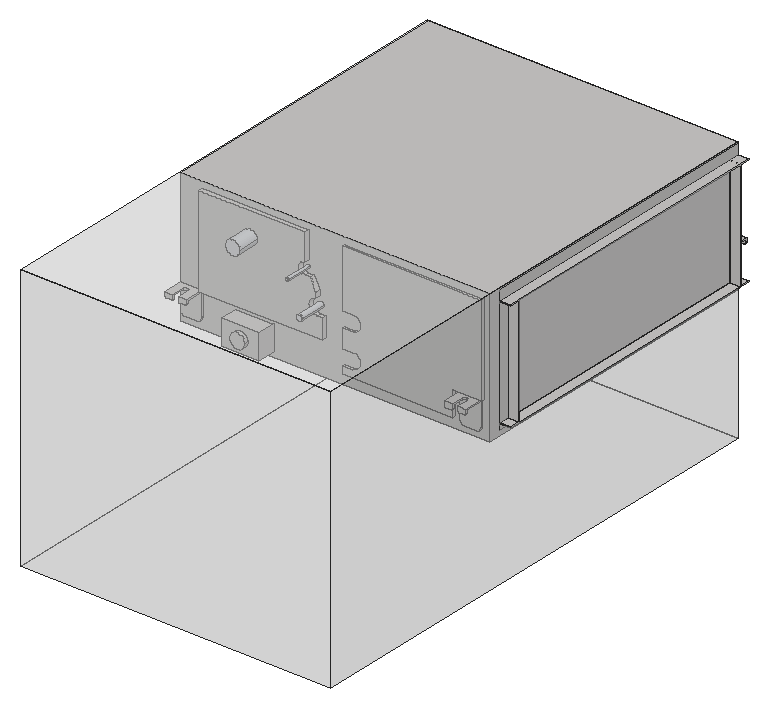
Revit family "outputfile", category 機械設備, Revit 2024
Family settings
  丸型コネクタ寸法 = 半径を使用
  パーツ タイプ = 標準
  OmniClass 番号 = 23.75.10.24.21.27.27
  OmniClass タイトル = Split System Air Conditioning Units
  作業面ベース = いいえ
  常に垂直 = はい
  ロード時にボイドで切り取り = いいえ
  注釈の向きを維持 = いいえ
  共有 = いいえ
  部屋計算ポイント = はい
Parameters (values of type "FXMQ40ARV1")
  製造元 = "Daikin"
  書き出し IFC クラス(タイプ) = "IfcUnitaryEquipmentType"
  定義済み IFC タイプ(タイプ) = "AIRCONDITIONINGUNIT"
  モデル = "FXMQ40ARV1"
  r_Liquid Pipe Size = Liquid Pipe Size / 2  # 3.2 mm
  r_Gas Pipe Size = Gas Pipe Size / 2  # 6.35 mm
  r_Drain Pipe Size = Drain Pipe Size / 2  # 16.0 mm
  lw_power = 396.0 mm  # constant formula
  lh_SA = 165.0 mm  # constant formula
  lw_SA = if(Depth = 550.0 mm, 210.0 mm, if(Depth = 700.0 mm, 285.0 mm, if(Depth = 1000.0 mm, 435.0 mm, 635.0 mm)))  # 285.0 mm
  lw_RA = if(Depth = 550.0 mm, 288.0 mm, if(Depth = 700.0 mm, 363.0 mm, if(Depth = 1000.0 mm, 513.0 mm, 713.0 mm)))  # 363.0 mm
  lh_power = 60.0 mm + [h***]  # 60.0 mm
  lh_mountinghole1 = lh_mountinghole + [h***]  # 80.0 mm
  lh_RA = 150.0 mm  # constant formula
  ld_power = Depth / 2  # 350.0 mm
  Voltage_comment_60Hz = "220-240"
  Voltage_comment_50Hz = "220-240"
  Voltage_60Hz = 220 V
  Voltage_50Hz = 220 V
  Supply Air Direction [instance] = yes
  Phase_60Hz = 1
  Phase_50Hz = 1
  Minimum Circuit Amps_60Hz = 1.0 A
  Minimum Circuit Amps_50Hz = 0.8 A
  Maximum Fuse Amps_60Hz = 15.0 A
  Maximum Fuse Amps_50Hz = 15.0 A
  Maximum External Static Pressure = 50.00 Pa
  Material_Casing = DAIKIN_GalvanizedSteel_Casing_indoorunit
  lw_mountinghole = 631.0 mm  # constant formula
  lh_gaspipe = 144.0 mm + [h***]  # 144.0 mm
  lh_mountinghole = 80.0 mm  # constant formula
  lh_liquidpipe = 212.0 mm + [h***]  # 212.0 mm
  lh_drainpipe = 232.0 mm + [h***]  # 232.0 mm
  lh_antena = Height - lh_mountinghole + 1.0 mm  # 221.0 mm
  ld_drainpipe = Depth / 2 + 59.0 mm  # 409.0 mm
  ld_liquidpipe = 410.0 mm
  ld_gaspipe = 410.0 mm
  ld_mountinghole = Depth + 38.0 mm  # 738.0 mm
  h*** = 0.0 mm  # constant formula
  lw_liquidpipe = 290.0 mm  # constant formula
  lw_gaspipe = 318.0 mm  # constant formula
  lw_drainpipe = 167.0 mm  # constant formula
  Width = 700.0 mm
  Version = "ver.1.0"
  Unit Type = "Duct_M.S.P."
  Unit Mass Weight = 27.00 kg
  Unit Designation [instance] = ""
  Uniclass2015Version = "Products v1.30"
  Uniclass2015Title = "Variable refrigerant flow units"
  Uniclass2015Code = "Pr_70_65_03_94"
  Total Heating Capacity [instance] = 0.000 kW
  Total Cooling Capacity [instance] = 0.000 kW
  Sound Pressure Level_L speed (dBA) = 37
  Sound Pressure Level_H speed (dBA) = 39
  Series = "VRV Fan Coil Unit"
  Sensible Cooling Capacity [instance] = 0.000 kW
  SA Duct Size Width = if(Depth = 550.0 mm, 310.0 mm, if(Depth = 700.0 mm, 460.0 mm, if(Depth = 1000.0 mm, 760.0 mm, 1160.0 mm)))  # 460.0 mm
  SA Duct Size Height = 215.0 mm
  Refrigerant Type = "R410A"
  RA Duct Size Width = if(Depth = 550.0 mm, 475.0 mm, if(Depth = 700.0 mm, 625.0 mm, if(Depth = 1000.0 mm, 925.0 mm, 1325.0 mm)))  # 625.0 mm
  RA Duct Size Height = 247.0 mm
  Power Input (Heating) = 0.160 kW
  Power Input (Cooling) = 0.160 kW
  Option Accessory 3 [instance] = ""
  Option Accessory 2 [instance] = ""
  Option Accessory 1 [instance] = ""
  Nominal Heating Capacity = 4.500 kW
  Nominal Cooling Capacity = 4.500 kW
  Minimum Airflow = 720.00 m³/h
  Median Airflow = 0.00 m³/h
  Maximum Airflow = 900.00 m³/h
  Load Classification = HVAC
  Liquid Pipe Size = 6.4 mm
  Link_Nested Family [instance] = ""
  IfcVersion = ""
  IfcExportType = "AIRCONDITIONINGUNIT"
  IfcExportAs = "IfcUnitaryEquipmentType"
  Height = 300.0 mm
  Heating Entering Wet Bulb Temperature [instance] = 0.00 °C
  Heating Entering Dry Bulb Temperature [instance] = 0.00 °C
  Heating Ambient Wet Bulb Temperature [instance] = 0.00 °C
  Heating Ambient Dry Bulb Temperature [instance] = 0.00 °C
  Heat Exchanger Type = "Cross Fin Coil"
  Gas Pipe Size = 12.7 mm
  Frequency_60Hz = 60 Hz
  Frequency_50Hz = 50 Hz
  Fan Type = "Sirocco Fan"
  Fan Drive = "Direct Drive"
  FCU Tag No. [instance] = ""
  Drain Pipe Size = 32.0 mm
  Design Supply Airflow [instance] = 0.00 m³/h
  Design Return Airflow [instance] = 0.00 m³/h
  Design External Static Pressure [instance] = 0.00 Pa
  Depth = 700.0 mm
  既定の高さ = 0.0 mm
  Cooling Entering Wet Bulb Temperature [instance] = 0.00 °C
  Cooling Entering Dry Bulb Temperature [instance] = 0.00 °C
  Cooling Ambient Wet Bulb Temperature [instance] = 0.00 °C
  Cooling Ambient Dry Bulb Temperature [instance] = 0.00 °C
  Clearance visibility [instance] = yes
  Clearance Top = 0.0 mm
  Clearance Right = 0.0 mm
  Clearance Rear = 0.0 mm
  Clearance Left = 0.0 mm
  Clearance Front = 450.0 mm
  Clearance Bottom = 300.0 mm
Reference planes
  plane 1 "Center (Front/Back)": y = 0
  plane 2 "h": z = 0
  plane 3 "Center (Left/Right)": x = 0
  plane 4 "Back": y = 350
  plane 5 "Front": y = -350
  plane 6 "Left": x = -350
  plane 7 "Reight": x = 350
  plane 8 "Top": z = 0
  plane 9 "Bottom": z = -300
  plane 10: y = -215
  plane 11: y = 350
  plane 12: y = -800
  plane 13: x = -350
  plane 14: x = 350
  plane 15: z = 0
  plane 16: z = -600
  plane 17: x = -350
  plane 18: z = -135
  plane 19: x = -349
  plane 20: x = 349
  plane 21: y = 65
  plane 22: y = 13
  plane 23: z = -150
  plane 24: y = -360.8
  plane 25: z = -14
  plane 26: z = -219
  plane 27: x = -60
  plane 28: x = -20
  plane 29: z = -156
  plane 30: x = -32
  plane 31: z = -88
  plane 32: x = 23
  plane 33: x = 335
  plane 34: z = -15.8
  plane 35: z = -274.8
  plane 36: z = -219.8
  plane 37: x = 271
  plane 38: x = -223.3
  plane 39: x = -138.3
  plane 40: z = -232.7
  plane 41: z = -288.5
  plane 42: y = -391
  plane 43: x = -181
  plane 44: z = -260
  plane 45: y = -399
  plane 46: z = -163.8
  plane 47: z = -239.8
  plane 48: x = 46
  plane 49: z = -88
  plane 50: x = -60
  plane 51: y = -410
  plane 52: z = -156
  plane 53: x = -32
  plane 54: y = -409
  plane 55: z = -68
  plane 56: x = -183
  plane 57: x = -183
  plane 58: x = -60
  plane 59: x = -32
  plane 60: x = 46
  plane 61: x = -323
  plane 62: x = 308
  plane 63: y = -369
  plane 64: y = 369
  plane 65: z = -220
  plane 66: y = -356
  plane 67: x = -298.5
  plane 68: x = -374
  plane 69: x = 374
Forms (mm)
  Extrusion 1, solid, material "DAIKIN_GalvanizedSteel_Casing_indoorunit" <- "Material_Casing"
    sketch origin (0, 0, 0) x (1, 0, 0) y (0, 1, 0)
      loop
        line (-349, 350) -> (-349, -350) -> (349, -350) -> (349, 350) -> (-349, 350)
    from -300 to 0
  Extrusion 2, solid, material "DAIKIN_GalvanizedSteel_Casing_indoorunit" <- "Material_Casing"
    sketch origin (0, 0, 0) x (1, 0, 0) y (0, 0, 1)
      loop
        line (-298.5, -219) -> (-20, -219) -> (-20, -173.5) -> (-32, -173.5)
        arc (-32, -173.5) -> (-49.471, -157.002) -> (-34, -138.615) r 17.5
        line (-34, -138.615) -> (-34, -127.5) -> (-47, -101) -> (-60, -101)
        arc (-60, -101) -> (-73, -88) -> (-60, -75) r 13
        line (-60, -75) -> (-60, -14) -> (-298.5, -14) -> (-298.5, -219)
    from 350 to 360.8
  Extrusion 3, solid, material "DAIKIN_GalvanizedSteel_Casing_indoorunit" <- "Material_Casing"
    sketch origin (0, 0, 0) x (1, 0, 0) y (0, 0, 1)
      loop
        line (23, -274.8) -> (271, -274.8) -> (271, -219.8) -> (335, -219.8) -> (335, -15.8) -> (23, -15.8) -> (23, -146.3) -> (46, -146.3)
        arc (46, -146.3) -> (63.5, -163.8) -> (46, -181.3) r 17.5
        line (46, -181.3) -> (23, -181.3) -> (23, -222.3) -> (46, -222.3)
        arc (46, -222.3) -> (63.5, -239.8) -> (46, -257.3) r 17.5
        line (46, -257.3) -> (23, -257.3) -> (23, -274.8)
    from 350 to 356
  Extrusion 4, solid, material "DAIKIN_GalvanizedSteel_Casing_indoorunit" <- "Material_Casing"
    sketch origin (0, 0, 0) x (1, 0, 0) y (0, 0, 1)
      loop
        line (-223.3, -232.7) -> (-223.3, -288.5) -> (-138.3, -288.5) -> (-138.3, -232.7) -> (-223.3, -232.7)
    from 350 to 391
  Extrusion 5, solid, material "DAIKIN_GalvanizedSteel_Casing_indoorunit" <- "Material_Casing"
    sketch origin (0, 0, 0) x (1, 0, 0) y (0, 0, 1)
      loop
        circle (-181, -260) r 16.5
    from 391 to 399
  Extrusion 6, solid
    sketch origin (0, 0, 0) x (1, 0, 0) y (0, 0, 1)
      loop
        circle (-60, -88) r 3.2
    from 350 to 410
  Extrusion 7, solid
    sketch origin (0, 0, 0) x (1, 0, 0) y (0, 0, 1)
      loop
        circle (-32, -156) r 6.35
    from 350 to 410
  Extrusion 8, solid
    sketch origin (0, 0, 0) x (1, 0, 0) y (0, 0, 1)
      loop
        circle (-183, -68) r 16
    from 360.8 to 409
Dimensions and locks
  "Height": plane 8 "Top" to plane 9 "Bottom"
  equal spacing: plane 4 "Back", plane 1 "Center (Front/Back)", plane 5 "Front"
  "Depth": plane 4 "Back" to plane 5 "Front"
  equal spacing: plane 6 "Left", plane 3 "Center (Left/Right)", plane 7 "Reight"
  "Width": plane 6 "Left" to plane 7 "Reight"
  "Clearance Left": plane 13 to plane 6 "Left"
  "Clearance Right": plane 7 "Reight" to plane 14
  "Clearance Rear": plane 11 to plane 4 "Back"
  "Clearance Front": plane 5 "Front" to plane 12
  "Clearance Top": plane 15 to plane 8 "Top"
  "Clearance Bottom": plane 9 "Bottom" to plane 16
  "lh_SA": plane 18 to plane 9 "Bottom"
  locked: plane 17 to plane 19 at 1
  "lw_SA": plane 4 "Back" to plane 21
  "lw_RA": plane 22 to plane 5 "Front"
  "lh_RA": plane 23 to plane 9 "Bottom"
  locked: plane 5 "Front" to plane 24 at 10.8
  plane 30 to plane 27 to plane 6 "Left" = 28.0 mm locked, 290.0 mm locked
  plane 33 to plane 32 to plane 6 "Left" = 312.0 mm locked, 373.0 mm locked
  locked: plane 33 to plane 37 at 64
  locked: plane 36 to plane 35 at 55
  plane 39 to plane 38 to plane 6 "Left" = 85.0 mm locked, 126.7 mm locked
  locked: plane 5 "Front" to plane 42 at 41
  locked: plane 43 to plane 6 "Left" at 169
  locked: plane 42 to plane 45 at 8
  plane 46 to plane 47 to plane 35 = 76.0 mm locked, 35.0 mm locked
  locked: plane 48 to plane 32 at 23
  "lw_liquidpipe": plane 50 to plane 6 "Left"
  "lh_liquidpipe": plane 49 to plane 9 "Bottom"
  "lh_gaspipe": plane 52 to plane 9 "Bottom"
  "lw_gaspipe": plane 53 to plane 6 "Left"
  "ld_gaspipe": plane 51 to plane 1 "Center (Front/Back)"
  "ld_drainpipe": plane 54 to plane 1 "Center (Front/Back)"
  "lh_drainpipe": plane 55 to plane 9 "Bottom"
  "lw_drainpipe": plane 56 to plane 6 "Left"
  "lw_drainpipe": plane 6 "Left" to plane 57
  "lw_liquidpipe": plane 6 "Left" to plane 58
  "lw_gaspipe": plane 6 "Left" to plane 59
  "lw_power": plane 6 "Left" to plane 60
  plane 17 to plane 61 = 27.0 mm
  "lw_mountinghole": plane 61 to plane 62
  equal spacing: plane 63, plane 1 "Center (Front/Back)", plane 64
  "ld_mountinghole": plane 64 to plane 63
  "lh_mountinghole": plane 65 to plane 9 "Bottom"
  plane 8 "Top" to plane 40 to plane 41 = 232.7 mm locked, 55.8 mm locked
  locked: plane 8 "Top" to plane 44 at 260
  plane 8 "Top" to plane 25 to plane 26 = 14.0 mm locked, 205.0 mm locked
  plane 8 "Top" to plane 31 to plane 29 = 88.0 mm locked, 68.0 mm locked
  plane 8 "Top" to plane 34 to plane 35 = 15.8 mm locked, 259.0 mm locked
  locked: plane 5 "Front" to plane 66 at 6
  locked: plane 68 to plane 6 "Left" at 24
  locked: plane 7 "Reight" to plane 69 at 24
  locked: plane 67 to plane 13 at 51.5
  locked: plane 28 to plane 30 at 12
  locked: Extrusion 2 sketch curve to plane 27 at 26
  plane 5 "Front" to plane 51 = 60.0 mm
  plane 5 "Front" to plane 54 = 59.0 mm
  locked: plane 20 to plane 7 "Reight" at 1
  "r_Liquid Pipe Size": radius of Extrusion 6 sketch curve
  "r_Gas Pipe Size": radius of Extrusion 7 sketch curve
  "r_Drain Pipe Size": radius of Extrusion 8 sketch curve
  aligned and locked: level to plane 2 "h"
  aligned and locked: plane 8 "Top" to Extrusion 1
  aligned and locked: Extrusion 1 to plane 9 "Bottom"
  aligned and locked: nested 5 to plane 12
  aligned and locked: plane 13 to nested 5
  aligned and locked: plane 14 to nested 5
  aligned and locked: nested 5 to plane 13
  aligned and locked: plane 11 to nested 5
  aligned and locked: plane 15 to nested 5
  aligned and locked: plane 16 to nested 5
  aligned and locked: plane 5 "Front" to Extrusion 1 sketch curve
  aligned and locked: Extrusion 1 to plane 19
  aligned and locked: plane 20 to Extrusion 1
  aligned and locked: nested 7 to plane 19
  aligned and locked: nested 7 to plane 21
  aligned and locked: plane 18 to nested 7
  aligned and locked: plane 20 to nested 8
  aligned and locked: plane 22 to nested 8
  aligned and locked: plane 23 to nested 8
  aligned and locked: Extrusion 2 to plane 24
  aligned and locked: plane 5 "Front" to Extrusion 2
  aligned and locked: plane 35 to Extrusion 3 sketch curve
  aligned and locked: plane 37 to Extrusion 3 sketch curve
  aligned and locked: plane 36 to Extrusion 3 sketch curve
  aligned and locked: Extrusion 3 sketch curve to plane 33
  aligned and locked: Extrusion 3 sketch curve to plane 34
  aligned and locked: Extrusion 3 sketch curve to plane 32
  aligned and locked: plane 5 "Front" to Extrusion 3
  aligned and locked: Extrusion 4 sketch curve to plane 40
  aligned and locked: Extrusion 4 sketch curve to plane 38
  aligned and locked: plane 41 to Extrusion 4 sketch curve
  aligned and locked: plane 39 to Extrusion 4 sketch curve
  aligned and locked: Extrusion 4 to plane 42
  aligned and locked: plane 5 "Front" to Extrusion 4
  aligned and locked: Extrusion 5 sketch curve to plane 43
  aligned and locked: plane 44 to Extrusion 5 sketch curve
  aligned and locked: Extrusion 5 to plane 45
  aligned and locked: plane 42 to Extrusion 5
  aligned and locked: Extrusion 6 sketch curve to plane 50
  aligned and locked: plane 49 to Extrusion 6 sketch curve
  aligned and locked: Extrusion 6 to plane 51
  aligned and locked: plane 5 "Front" to Extrusion 6
  aligned and locked: Extrusion 7 sketch curve to plane 53
  aligned and locked: plane 52 to Extrusion 7 sketch curve
  aligned and locked: Extrusion 7 to Extrusion 6
  aligned and locked: plane 5 "Front" to Extrusion 7
  aligned and locked: Extrusion 8 sketch curve to plane 56
  aligned and locked: Extrusion 8 sketch curve to plane 55
  aligned and locked: Extrusion 8 to plane 54
  aligned and locked: plane 24 to Extrusion 8
  aligned and locked: nested 3 to plane 54
  aligned and locked: plane 57 to nested 3
  aligned and locked: plane 58 to nested 2
  aligned and locked: nested 2 to plane 51
  aligned and locked: nested 1 to plane 59
  aligned and locked: Extrusion 7 to plane 51
  aligned and locked: nested 1 to plane 51
  aligned and locked: nested 6 to plane 5 "Front"
  aligned and locked: nested 6 to plane 60
  aligned and locked: plane 61 to nested 10
  aligned and locked: nested 10 to plane 5 "Front"
  aligned and locked: plane 62 to nested 9
  aligned and locked: nested 9 to plane 5 "Front"
  aligned and locked: nested 11 to plane 61
  aligned and locked: plane 4 "Back" to nested 11
  aligned and locked: nested 12 to plane 62
  aligned and locked: plane 4 "Back" to nested 12
  aligned and locked: plane 65 to nested 10
  aligned and locked: plane 65 to nested 11
  aligned and locked: plane 65 to nested 9
  aligned and locked: plane 65 to nested 12
  aligned and locked: plane 61 to nested 14
  aligned and locked: nested 14 to plane 64
  aligned and locked: plane 62 to nested 13
  aligned and locked: nested 13 to plane 64
  aligned and locked: plane 62 to nested 16
  aligned and locked: plane 63 to nested 16
  aligned and locked: plane 63 to nested 15
  aligned and locked: plane 61 to nested 15
  aligned and locked: Extrusion 3 to plane 66
  aligned and locked: plane 67 to Extrusion 2 sketch curve
  aligned and locked: nested 17 to plane 21
  aligned and locked: nested 17 to plane 68
  aligned and locked: plane 18 to nested 17
  aligned and locked: plane 22 to nested 18
  aligned and locked: plane 69 to nested 18
  aligned and locked: nested 18 to plane 23
  aligned and locked: nested 4 to plane 3 "Center (Left/Right)"
  aligned and locked: plane 1 "Center (Front/Back)" to nested 4
  aligned and locked: level to plane 8 "Top"
  aligned and locked: Extrusion 2 sketch curve to plane 28
  aligned and locked: Extrusion 2 sketch curve to plane 26
Automatic sketch dimensions
  plane 6 "Left" to Extrusion 1 sketch curve = 1.0 mm
  Extrusion 1 sketch curve to plane 7 "Reight" = 1.0 mm
  Extrusion 1 sketch curve to plane 4 "Back" = 0.0 mm
  Extrusion 3 sketch curve to plane 32 = 0.0 mm  (x2)
  Extrusion 3 sketch curve to plane 46 = 0.0 mm
  Extrusion 3 sketch curve to plane 48 = 0.0 mm  (x2)
  Extrusion 3 sketch curve to plane 47 = 0.0 mm
  Extrusion 3 sketch curve to plane 36 = 2.5 mm
  plane 23 to Extrusion 3 sketch curve = 3.7 mm
  Extrusion 2 sketch curve to plane 25 = 0.0 mm
  plane 27 to Extrusion 2 sketch curve = 0.0 mm
  Extrusion 2 sketch curve to plane 30 = 0.0 mm
  Extrusion 2 sketch curve to plane 29 = 0.0 mm
  Extrusion 2 sketch curve to plane 31 = 0.0 mm
  Extrusion 2 sketch curve to Extrusion 2 sketch curve = 13.0 mm
  Extrusion 2 sketch curve to plane 29 = 17.5 mm
  Extrusion 2 sketch curve to plane 31 = 13.0 mm
  plane 18 to Extrusion 2 sketch curve = 7.5 mm
  radius of Extrusion 5 sketch curve = 16.5 mm
Nested families
  nested 1: "daikin_connector_rotate2" at (-32, 0, -156), length <- "ld_gaspipe", built-in parameter 1001364 <- "lh_gaspipe", radius <- "r_Gas Pipe Size", type "daikin_connector_rotate2"
    with radius 6.35 mm, length 410.0 mm, angle_vertical 90.00°
  nested 2: "daikin_connector_rotate2" at (-60, 0, -88), length <- "ld_liquidpipe", built-in parameter 1001364 <- "lh_liquidpipe", radius <- "r_Liquid Pipe Size", type "daikin_connector_rotate2"
    with radius 3.2 mm, length 410.0 mm, angle_vertical 90.00°
  nested 3: "daikin_connector_rotate2" at (-183, 0, -68), length <- "ld_drainpipe", built-in parameter 1001364 <- "lh_drainpipe", radius <- "r_Drain Pipe Size", type "daikin_connector_rotate2"
    with radius 16.0 mm, length 409.0 mm, angle_vertical 90.00°
  nested 4: "daikin_△_symbolicline" at (0, 0, 300) x (0, -1, 0) z (0, 0, 1), built-in parameter 1001364 <- "Height", visible <- "Supply Air Direction", type "daikin_△_symbolicline"
    with length 200.0 mm
  nested 5: "daikin_clearancespace" at (0, -225, -299.881), visible <- "Clearance visibility", show <- "Clearance visibility", Link_Nested Family <- "Link_Nested Family", type "daikin_clearancespace"
    with width 700.0 mm, show yes, height 600.0 mm, depth 1150.0 mm, Link_Nested Family ""
  nested 6: "daikin_connector_rotate2" at (46, 0, -240), built-in parameter 1001364 <- "lh_power", length <- "ld_power", type "daikin_connector_rotate2"
    with radius 10.0 mm, length 350.0 mm, angle_vertical 90.00°
  nested 7: "daikin_ductflange_FXMQ-ARV1_2" at (-349, 65, -135) x (0, -1, 0) z (0, 0, 1), type "daikin_ductflange_FXMQ-ARV1_2"
    with width 460.0 mm, w 700.0 mm
  nested 8: "daikin_ductflange_FXMQ-ARV1_1" at (349, 13, -150) x (0, 1, 0) z (0, 0, 1), type "daikin_ductflange_FXMQ-ARV1_1"
    with width 625.0 mm, w 700.0 mm
  nested 9: "daikin_hangerfixture_FXMQ-ARV1" at (308, -350, -220), type "daikin_hangerfixture_FXMQ-ARV1"
  nested 10: "daikin_hangerfixture_FXMQ-ARV1" at (-323, -350, -220), type "daikin_hangerfixture_FXMQ-ARV1"
  nested 11: "daikin_hangerfixture_FXMQ-ARV1" at (-323, 350, -220) x (-1, 0, 0) z (0, 0, 1), type "daikin_hangerfixture_FXMQ-ARV1"
  nested 12: "daikin_hangerfixture_FXMQ-ARV1" at (308, 350, -220) x (-1, 0, 0) z (0, 0, 1), type "daikin_hangerfixture_FXMQ-ARV1"
  nested 13: "daikin_mountinghole" at (308, 369, -300), h_mountinghole <- "lh_mountinghole1", l_antenna <- "lh_antena", Link_Nested Family <- "Link_Nested Family", type "daikin_mountinghole"
    with show yes, l_antenna 221.0 mm, h_mountinghole 80.0 mm, Link_Nested Family ""
  nested 14: "daikin_mountinghole" at (-323, 369, -300), h_mountinghole <- "lh_mountinghole1", l_antenna <- "lh_antena", Link_Nested Family <- "Link_Nested Family", type "daikin_mountinghole"
    with show yes, l_antenna 221.0 mm, h_mountinghole 80.0 mm, Link_Nested Family ""
  nested 15: "daikin_mountinghole" at (-323, -369, -300), h_mountinghole <- "lh_mountinghole1", l_antenna <- "lh_antena", Link_Nested Family <- "Link_Nested Family", type "daikin_mountinghole"
    with show yes, l_antenna 221.0 mm, h_mountinghole 80.0 mm, Link_Nested Family ""
  nested 16: "daikin_mountinghole" at (308, -369, -300), h_mountinghole <- "lh_mountinghole1", l_antenna <- "lh_antena", Link_Nested Family <- "Link_Nested Family", type "daikin_mountinghole"
    with show yes, l_antenna 221.0 mm, h_mountinghole 80.0 mm, Link_Nested Family ""
  nested 17: "daikin_connector_rotate2" at (-350, 65, -135) x (0, -1, 0) z (0, 0, 1), type "daikin_connector_rotate2"
    with radius 10.0 mm, length 24.0 mm, angle_vertical 90.00°
  nested 18: "daikin_connector_rotate2" at (350, 13, -150) x (0, 1, 0) z (0, 0, 1), type "daikin_connector_rotate2"
    with radius 10.0 mm, length 24.0 mm, angle_vertical 90.00°
Connectors
  piping at (-183, -409, -68), diameter 32, driven by "r_Drain Pipe Size"
    settings: on nested 3, index 3, connector inside diameter 609.6 mm, connector length 0.0 mm, flow factor 0, pipe flow 0.00 m³/h, pressure drop 0.0 Pa, fitting loss kfactor 0, connector angle 0.00°, fixture units 0, engagement length 0.0 mm, angle of deflection 0.00°, flow configuration 1, flow direction 2, fitting loss method 4, system type 16, joint type 0, gender type 0, connector reference index -1, connector utility 0, adjustable connector no, is connector primary yes, connector description "Condensate Drain Piping"
  piping at (-32, -410, -156), diameter 12.7, driven by "r_Gas Pipe Size"
    settings: on nested 1, index 4, connector inside diameter 609.6 mm, connector length 0.0 mm, flow factor 0, pipe flow 0.00 m³/h, pressure drop 0.0 Pa, fitting loss kfactor 0, connector angle 0.00°, fixture units 0, engagement length 0.0 mm, angle of deflection 0.00°, flow configuration 1, flow direction 2, fitting loss method 0, system type 29, joint type 0, gender type 0, connector reference index -1, connector utility 0, adjustable connector no, is connector primary no, connector description "Refrigerant Gas Piping"
  piping at (-60, -410, -88), diameter 6.4, driven by "r_Liquid Pipe Size"
    settings: on nested 2, index 5, connector inside diameter 609.6 mm, connector length 0.0 mm, flow factor 0, pipe flow 0.00 m³/h, pressure drop 0.0 Pa, fitting loss kfactor 0, connector angle 0.00°, fixture units 0, engagement length 0.0 mm, angle of deflection 0.00°, flow configuration 1, flow direction 1, fitting loss method 0, system type 29, joint type 0, gender type 0, connector reference index -1, connector utility 0, adjustable connector no, is connector primary no, connector description "Refrigerant Liquid Piping"
  electrical at (46, -350, -240), driven by "Load Classification"
    settings: on nested 6, index 6, voltage 0 V, apparent load 0 VA, apparent load phase1 0 VA, apparent load phase2 0 VA, apparent load phase3 0 VA, power factor 1, load classification "HVAC", number of poles 1, system type 30, power factor state 1, is connector primary yes, connector utility no, sub classification motor no, connector description "Power Supply"
  hvac at (-374, 65, -135), driven by "SA Duct Size Height", driven by "SA Duct Size Width"
    settings: on nested 17, index 7, duct flow 0.00 m³/h, flow factor 0, pres drop 0.00 Pa, loss coef 0, conn angle 0.00°, conn width 460.0 mm, conn height 215.0 mm, conn diameter 609.6 mm, duct sys type 1, conn prof type 1, flow config 0, flow direction 2, loss method 4, conn ref index -1, conn util no, is conn primary yes, conn desc "SA Duct"
  hvac at (374, 13, -150), driven by "RA Duct Size Height", driven by "RA Duct Size Width"
    settings: on nested 18, index 8, duct flow 0.00 m³/h, flow factor 0, pres drop 0.00 Pa, loss coef 0, conn angle 0.00°, conn width 625.0 mm, conn height 247.0 mm, conn diameter 609.6 mm, duct sys type 2, conn prof type 1, flow config 0, flow direction 1, loss method 4, conn ref index -1, conn util no, is conn primary no, conn desc "RA Duct"
Definition of nested family "daikin_clearancespace"
  Parameters (values of type "daikin_clearancespace")
    Description = "daikin_clearancespace"
    width [instance] = 1823.963 mm
    show [instance] = yes
    material = none
    height [instance] = 1359.762 mm
    depth [instance] = 880.0 mm
    Default Elevation = 0.0 mm
    Link_Nested Family [instance] = ""
  Reference planes
    plane 1 "Center (Front/Back)": y = 0
    plane 2 "Center (Elevation)": z = -0.119
    plane 3 "Center (Left/Right)": x = 0
    plane 4: y = 440
    plane 5: y = -440
    plane 6 "Right": x = 911.982
    plane 7 "Left": x = -911.982
    plane 8 "Top": z = 679.762
    plane 9 "Bottom": z = -680
  Forms (mm)
    Extrusion 1, solid, material <- "material", visible <- "show"
      sketch origin (0, 0, 0) x (1, 0, 0) y (0, 1, 0)
        loop
          line (-911.982, 440) -> (-911.982, -440) -> (911.982, -440) -> (911.982, 440) -> (-911.982, 440)
      from -680 to 679.762
  Lines and regions (mm)
    symbolic lines, visible <- "show"
      curve 1: line (911.982, 440, 0) -> (-911.982, 440, 0)
      curve 2: line (-911.982, 440, 0) -> (-911.982, -440, 0)
      curve 3: line (-911.982, -440, 0) -> (911.982, -440, 0)
      curve 4: line (911.982, -440, 0) -> (911.982, 440, 0)
      curve 5: line (911.982, 0, 679.762) -> (-911.982, 0, 679.762)
      curve 6: line (911.982, 0, -680) -> (911.982, 0, 679.762)
      curve 7: line (-911.982, 0, -680) -> (911.982, 0, -680)
      curve 8: line (-911.982, 0, 679.762) -> (-911.982, 0, -680)
      curve 9: line (0, 440, 679.762) -> (0, -440, 679.762)
      curve 10: line (0, -440, 679.762) -> (0, -440, -680)
      curve 11: line (0, 440, -680) -> (0, 440, 679.762)
      curve 12: line (0, -440, -680) -> (0, 440, -680)
  Dimensions and locks
    "width": plane 7 "Left" to plane 6 "Right"
    "depth": plane 4 to plane 5
    "height": plane 8 "Top" to plane 9 "Bottom"
    equal spacing: plane 7 "Left", plane 3 "Center (Left/Right)", plane 6 "Right"
    equal spacing: plane 4, plane 1 "Center (Front/Back)", plane 5
    equal spacing: plane 8 "Top", plane 2 "Center (Elevation)", plane 9 "Bottom"
    aligned and locked: level to plane 2 "Center (Elevation)"
    aligned and locked: Extrusion 1 sketch curve to plane 4
    aligned and locked: plane 7 "Left" to Extrusion 1 sketch curve
    aligned and locked: Extrusion 1 sketch curve to plane 5
    aligned and locked: Extrusion 1 sketch curve to plane 6 "Right"
    aligned and locked: plane 8 "Top" to Extrusion 1
    aligned and locked: curve 1 to Extrusion 1
    aligned and locked: curve 2 to Extrusion 1
    aligned and locked: curve 3 to Extrusion 1
    aligned and locked: curve 4 to Extrusion 1
    aligned and locked: curve 5 to Extrusion 1
    aligned and locked: curve 6 to Extrusion 1
    aligned and locked: curve 7 to Extrusion 1
    aligned and locked: curve 8 to Extrusion 1
    aligned and locked: curve 9 to Extrusion 1
    aligned and locked: curve 10 to Extrusion 1
    aligned and locked: curve 11 to Extrusion 1
    aligned and locked: curve 12 to Extrusion 1
    aligned and locked: Extrusion 1 to plane 9 "Bottom"
Definition of nested family "daikin_ductflange_FXMQ-ARV1_2"
  Parameters (values of type "daikin_ductflange_FXDSQ-AVM2")
    width = if(w = 550.0 mm, 310.0 mm, if(w = 700.0 mm, 460.0 mm, if(w = 1000.0 mm, 760.0 mm, 1160.0 mm)))  # 310.0 mm
    material = none
    height = 215.0 mm
    depth = 1.0 mm
    w = 550.0 mm
    Default Elevation = 0.0 mm
  Reference planes
    plane 1 "Center (Front/Back)": y = 0
    plane 2: z = 0
    plane 3 "Center (Left/Right)": x = 0
    plane 4: z = 107.5
    plane 5: z = -107.5
    plane 6: y = -25
    plane 7: z = 132.5
    plane 8: z = 108.5
    plane 9: y = -1
    plane 10: x = -177.5
    plane 11: x = 177.5
    plane 12: z = -132.5
    plane 13: z = -108.5
    plane 14: y = -1
    plane 15: x = 155
    plane 16: x = -155
    plane 17: x = 156
    plane 18: z = 106.5
    plane 19: z = -106.5
    plane 20: x = -156
    plane 21: z = 106.5
    plane 22: z = -106.5
    plane 23: y = -1
  Forms (mm)
    Extrusion 1, solid, material <- "material"
      sketch origin (0, 0, 0) x (0, 1, 0) y (0, 0, 1)
        loop
          line (-25, 107.5) -> (0, 107.5) -> (0, 132.5) -> (-1, 132.5) -> (-1, 108.5) -> (-25, 108.5) -> (-25, 107.5)
      from -177.5 to 177.5
    Extrusion 2, solid, material <- "material"
      sketch origin (0, 0, 0) x (0, 1, 0) y (0, 0, 1)
        loop
          line (-25, -107.5) -> (-25, -108.5) -> (-1, -108.5) -> (-1, -132.5) -> (0, -132.5) -> (0, -107.5) -> (-25, -107.5)
      from -177.5 to 177.5
    Extrusion 3, solid, material <- "material"
      sketch origin (0, 0, 0) x (1, 0, 0) y (0, 0, 1)
        loop
          line (155, 107.5) -> (155, -107.5) -> (177.5, -107.5) -> (177.5, -106.5) -> (156, -106.5) -> (156, 106.5) -> (177.5, 106.5) -> (177.5, 107.5) -> (155, 107.5)
      from 0 to 25
    Extrusion 4, solid, material <- "material"
      sketch origin (0, 0, 0) x (1, 0, 0) y (0, 0, 1)
        loop
          line (-177.5, 107.5) -> (-177.5, 106.5) -> (-156, 106.5) -> (-156, -106.5) -> (-177.5, -106.5) -> (-177.5, -107.5) -> (-155, -107.5) -> (-155, 107.5) -> (-177.5, 107.5)
      from 0 to 25
    Extrusion 5, solid, material <- "material"
      sketch origin (0, 0, 0) x (1, 0, 0) y (0, 0, 1)
        loop
          line (-177.5, 107.5) -> (-177.5, -107.5) -> (-155, -107.5) -> (-155, 107.5) -> (-177.5, 107.5)
        loop
          line (177.5, 107.5) -> (155, 107.5) -> (155, -107.5) -> (177.5, -107.5) -> (177.5, 107.5)
      from 0 to 1
  Cuts and joins
    joined: Extrusion 1, Extrusion 2, Extrusion 3, Extrusion 4, Extrusion 5
  Dimensions and locks
    plane 4 to level to plane 5 = 107.5 mm locked, 107.5 mm locked
    locked: plane 6 to plane 1 "Center (Front/Back)" at 25
    locked: plane 9 to plane 1 "Center (Front/Back)" at 1
    locked: plane 8 to plane 4 at 1
    locked: plane 11 to plane 15 at 22.5
    locked: plane 16 to plane 10 at 22.5
    locked: plane 17 to plane 15 at 1
    locked: plane 4 to plane 18 at 1
    locked: plane 19 to plane 5 at 1
    "width": plane 15 to plane 16
    plane 4 to plane 5 = 215.0 mm
    equal spacing: plane 15, plane 3 "Center (Left/Right)", plane 16
    locked: plane 16 to plane 20 at 1
    locked: plane 4 to plane 21 at 1
    locked: plane 22 to plane 5 at 1
    locked: plane 23 to plane 1 "Center (Front/Back)" at 1
    aligned and locked: level to plane 2
    aligned and locked: Extrusion 1 to plane 10
    aligned and locked: plane 11 to Extrusion 1
    aligned and locked: plane 5 to Extrusion 2
    aligned and locked: Extrusion 2 to plane 1 "Center (Front/Back)"
    aligned and locked: plane 15 to Extrusion 3 sketch curve
    aligned and locked: Extrusion 3 sketch curve to Extrusion 2  (x2)
    aligned and locked: Extrusion 3 sketch curve to plane 11
    aligned and locked: plane 6 to Extrusion 3
    aligned and locked: Extrusion 2 to plane 10
    aligned and locked: plane 11 to Extrusion 2
    aligned and locked: Extrusion 4 sketch curve to Extrusion 1  (x2)
    aligned and locked: plane 5 to Extrusion 4 sketch curve
    aligned and locked: Extrusion 4 sketch curve to plane 16
    aligned and locked: Extrusion 4 sketch curve to plane 22
    aligned and locked: plane 20 to Extrusion 4 sketch curve
    aligned and locked: plane 21 to Extrusion 4 sketch curve
    aligned and locked: Extrusion 4 to plane 1 "Center (Front/Back)"
    aligned and locked: plane 6 to Extrusion 4
    aligned and locked: Extrusion 5 sketch curve to Extrusion 1  (x4)
    aligned and locked: Extrusion 5 sketch curve to Extrusion 4  (x2)
    aligned and locked: Extrusion 5 sketch curve to Extrusion 3  (x2)
    aligned and locked: Extrusion 5 to plane 1 "Center (Front/Back)"
    aligned and locked: plane 23 to Extrusion 5
  Automatic sketch dimensions
    Extrusion 1 sketch curve to plane 6 = 0.0 mm
    Extrusion 1 sketch curve to plane 7 = 0.0 mm
    Extrusion 1 sketch curve to plane 9 = 0.0 mm
    Extrusion 1 sketch curve to plane 1 "Center (Front/Back)" = 0.0 mm
    Extrusion 1 sketch curve to plane 4 = 0.0 mm
    Extrusion 1 sketch curve to plane 8 = 0.0 mm
    Extrusion 2 sketch curve to plane 6 = 0.0 mm
    plane 12 to Extrusion 2 sketch curve = 0.0 mm
    Extrusion 2 sketch curve to plane 14 = 0.0 mm
    Extrusion 2 sketch curve to plane 1 "Center (Front/Back)" = 0.0 mm
    plane 13 to Extrusion 2 sketch curve = 0.0 mm
    Extrusion 2 sketch curve to plane 5 = 0.0 mm
    Extrusion 3 sketch curve to plane 17 = 0.0 mm
    Extrusion 3 sketch curve to plane 19 = 0.0 mm
    Extrusion 3 sketch curve to plane 18 = 0.0 mm
    Extrusion 3 sketch curve to plane 4 = 0.0 mm
    Extrusion 4 sketch curve to plane 10 = 0.0 mm
Definition of nested family "daikin_ductflange_FXMQ-ARV1_1"
  Parameters (values of type "daikin_ductflange_FXDSQ-AVM")
    width = if(w = 550.0 mm, 475.0 mm, if(w = 700.0 mm, 625.0 mm, if(w = 1000.0 mm, 925.0 mm, 1325.0 mm)))  # 475.0 mm
    material = none
    height = 247.0 mm
    depth = 1.0 mm
    w = 550.0 mm
    Default Elevation = 0.0 mm
  Reference planes
    plane 1 "Center (Front/Back)": y = 0
    plane 2: z = 0
    plane 3 "Center (Left/Right)": x = 0
    plane 4: z = 123.5
    plane 5: z = -123.5
    plane 6: y = -25
    plane 7: z = 146.5
    plane 8: z = 124.5
    plane 9: y = -1
    plane 10: x = -260
    plane 11: x = 260
    plane 12: z = -137
    plane 13: z = -124.5
    plane 14: y = -1
    plane 15: x = 237.5
    plane 16: x = -237.5
    plane 17: x = 238.5
    plane 18: z = 122.5
    plane 19: z = -122.5
    plane 20: x = -238.5
    plane 21: z = 122.5
    plane 22: z = -122.5
    plane 23: y = -1
  Forms (mm)
    Extrusion 1, solid, material <- "material"
      sketch origin (0, 0, 0) x (0, 1, 0) y (0, 0, 1)
        loop
          line (-25, 123.5) -> (0, 123.5) -> (0, 146.5) -> (-1, 146.5) -> (-1, 124.5) -> (-25, 124.5) -> (-25, 123.5)
      from -260 to 260
    Extrusion 2, solid, material <- "material"
      sketch origin (0, 0, 0) x (0, 1, 0) y (0, 0, 1)
        loop
          line (-25, -123.5) -> (-25, -124.5) -> (-1, -124.5) -> (-1, -137) -> (0, -137) -> (0, -123.5) -> (-25, -123.5)
      from -260 to 260
    Extrusion 3, solid, material <- "material"
      sketch origin (0, 0, 0) x (1, 0, 0) y (0, 0, 1)
        loop
          line (237.5, 123.5) -> (237.5, -123.5) -> (260, -123.5) -> (260, -122.5) -> (238.5, -122.5) -> (238.5, 122.5) -> (260, 122.5) -> (260, 123.5) -> (237.5, 123.5)
      from 0 to 25
    Extrusion 4, solid, material <- "material"
      sketch origin (0, 0, 0) x (1, 0, 0) y (0, 0, 1)
        loop
          line (-260, 123.5) -> (-260, 122.5) -> (-238.5, 122.5) -> (-238.5, -122.5) -> (-260, -122.5) -> (-260, -123.5) -> (-237.5, -123.5) -> (-237.5, 123.5) -> (-260, 123.5)
      from 0 to 25
    Extrusion 5, solid, material <- "material"
      sketch origin (0, 0, 0) x (1, 0, 0) y (0, 0, 1)
        loop
          line (-260, 123.5) -> (-260, -123.5) -> (-237.5, -123.5) -> (-237.5, 123.5) -> (-260, 123.5)
        loop
          line (260, 123.5) -> (237.5, 123.5) -> (237.5, -123.5) -> (260, -123.5) -> (260, 123.5)
      from 0 to 1
  Cuts and joins
    joined: Extrusion 1, Extrusion 2, Extrusion 3, Extrusion 4, Extrusion 5
  Dimensions and locks
    plane 4 to level to plane 5 = 123.5 mm, 123.5 mm
    locked: plane 6 to plane 1 "Center (Front/Back)" at 25
    locked: plane 9 to plane 1 "Center (Front/Back)" at 1
    locked: plane 8 to plane 4 at 1
    locked: plane 11 to plane 15 at 22.5
    locked: plane 16 to plane 10 at 22.5
    locked: plane 17 to plane 15 at 1
    locked: plane 4 to plane 18 at 1
    locked: plane 19 to plane 5 at 1
    "width": plane 15 to plane 16
    equal spacing: plane 15, plane 3 "Center (Left/Right)", plane 16
    locked: plane 16 to plane 20 at 1
    locked: plane 4 to plane 21 at 1
    locked: plane 22 to plane 5 at 1
    locked: plane 23 to plane 1 "Center (Front/Back)" at 1
    equal spacing: plane 4, level, plane 5
    locked: plane 7 to plane 4 at 23
    locked: plane 5 to plane 12 at 13.5
    locked: plane 1 "Center (Front/Back)" to plane 14 at 1
    locked: plane 5 to plane 13 at 1
    locked: plane 4 to plane 5 at 247
    aligned and locked: level to plane 2
    aligned and locked: Extrusion 1 to plane 10
    aligned and locked: plane 11 to Extrusion 1
    aligned and locked: plane 5 to Extrusion 2
    aligned and locked: Extrusion 2 to plane 1 "Center (Front/Back)"
    aligned and locked: plane 15 to Extrusion 3 sketch curve
    aligned and locked: Extrusion 3 sketch curve to Extrusion 2  (x2)
    aligned and locked: Extrusion 3 sketch curve to plane 11
    aligned and locked: plane 6 to Extrusion 3
    aligned and locked: Extrusion 2 to plane 10
    aligned and locked: plane 11 to Extrusion 2
    aligned and locked: Extrusion 4 sketch curve to Extrusion 1  (x2)
    aligned and locked: plane 5 to Extrusion 4 sketch curve
    aligned and locked: Extrusion 4 sketch curve to plane 16
    aligned and locked: Extrusion 4 sketch curve to plane 22
    aligned and locked: plane 20 to Extrusion 4 sketch curve
    aligned and locked: plane 21 to Extrusion 4 sketch curve
    aligned and locked: Extrusion 4 to plane 1 "Center (Front/Back)"
    aligned and locked: plane 6 to Extrusion 4
    aligned and locked: Extrusion 5 sketch curve to Extrusion 1  (x4)
    aligned and locked: Extrusion 5 sketch curve to Extrusion 4  (x2)
    aligned and locked: Extrusion 5 sketch curve to Extrusion 3  (x2)
    aligned and locked: Extrusion 5 to plane 1 "Center (Front/Back)"
    aligned and locked: plane 23 to Extrusion 5
  Automatic sketch dimensions
    Extrusion 1 sketch curve to plane 6 = 0.0 mm
    Extrusion 1 sketch curve to plane 7 = 0.0 mm
    Extrusion 1 sketch curve to plane 9 = 0.0 mm
    Extrusion 1 sketch curve to plane 1 "Center (Front/Back)" = 0.0 mm
    Extrusion 1 sketch curve to plane 4 = 0.0 mm
    Extrusion 1 sketch curve to plane 8 = 0.0 mm
    Extrusion 2 sketch curve to plane 6 = 0.0 mm
    plane 12 to Extrusion 2 sketch curve = 0.0 mm
    Extrusion 2 sketch curve to plane 14 = 0.0 mm
    Extrusion 2 sketch curve to plane 1 "Center (Front/Back)" = 0.0 mm
    plane 13 to Extrusion 2 sketch curve = 0.0 mm
    Extrusion 2 sketch curve to plane 5 = 0.0 mm
    Extrusion 3 sketch curve to plane 17 = 0.0 mm
    Extrusion 3 sketch curve to plane 19 = 0.0 mm
    Extrusion 3 sketch curve to plane 18 = 0.0 mm
    Extrusion 3 sketch curve to plane 4 = 0.0 mm
    Extrusion 4 sketch curve to plane 10 = 0.0 mm
Definition of nested family "daikin_hangerfixture_FXMQ-ARV1"
  Parameters (values of type "daikin_hangerfixture_FXMQ-PAVE")
    width = 48.0 mm
    material = none
    height = 65.0 mm
    depth = 45.0 mm
    Default Elevation = 0.0 mm
  Reference planes
    plane 1 "Center (Front/Back)": y = 0
    plane 2: z = 0
    plane 3 "Center (Left/Right)": x = 0
    plane 4: y = 417.146
    plane 5: y = -45
    plane 6: x = -24
    plane 7: x = 24
    plane 8: z = -2.3
    plane 9: z = -65
    plane 10: y = -2.3
    plane 11: z = -12
    plane 12: y = -42.7
  Forms (mm)
    Extrusion 1, solid, material <- "material"
      sketch origin (0, 0, 0) x (1, 0, 0) y (0, 1, 0)
        loop
          line (24, 0) -> (-24, 0) -> (-24, -45) -> (-6, -45) -> (-6, -19)
          arc (-6, -19) -> (0, -13) -> (6, -19) r 6
          line (6, -19) -> (6, -45) -> (24, -45) -> (24, 0)
      from 0 to -2.3
    Extrusion 2, solid, material <- "material"
      sketch origin (0, 0, 0) x (1, 0, 0) y (0, 0, 1)
        loop
          line (24, -55) -> (24, 0) -> (-24, 0) -> (-24, -55)
          arc (-24, -55) -> (-21.071, -62.071) -> (-14, -65) r 10
          line (-14, -65) -> (14, -65)
          arc (14, -65) -> (21.071, -62.071) -> (24, -55) r 10
      from 0 to 2.3
    Extrusion 3, solid, material <- "material"
      sketch origin (0, 0, 0) x (1, 0, 0) y (0, 0, 1)
        loop
          line (-6, -9) -> (-6, 0) -> (-24, 0) -> (-24, -9)
          arc (-24, -9) -> (-23.121, -11.121) -> (-21, -12) r 3
          line (-21, -12) -> (-9, -12)
          arc (-9, -12) -> (-6.879, -11.121) -> (-6, -9) r 3
        loop
          line (6, 0) -> (6, -9)
          arc (6, -9) -> (6.879, -11.121) -> (9, -12) r 3
          line (9, -12) -> (21, -12)
          arc (21, -12) -> (23.121, -11.121) -> (24, -9) r 3
          line (24, -9) -> (24, 0) -> (6, 0)
      from 42.7 to 45
  Cuts and joins
    joined: Extrusion 1, Extrusion 2, Extrusion 3
  Dimensions and locks
    "width": plane 6 to plane 7
    "depth": plane 5 to plane 1 "Center (Front/Back)"
    plane 2 to plane 8 = 2.3 mm
    "height": plane 2 to plane 9
    locked: plane 10 to plane 1 "Center (Front/Back)" at 2.3
    locked: plane 2 to plane 11 at 12
    locked: plane 12 to plane 5 at 2.3
    aligned and locked: level to plane 2
    aligned and locked: Extrusion 1 sketch curve to plane 1 "Center (Front/Back)"
    aligned and locked: plane 7 to Extrusion 1
    aligned and locked: Extrusion 1 to plane 6
    aligned and locked: Extrusion 1 to plane 5  (x2)
    aligned and locked: Extrusion 1 to plane 8
    aligned and locked: plane 2 to Extrusion 1
    aligned and locked: plane 2 to Extrusion 2 sketch curve
    aligned and locked: Extrusion 2 to plane 9
    aligned and locked: Extrusion 2 to plane 10
    aligned and locked: Extrusion 2 to plane 1 "Center (Front/Back)"
    aligned and locked: plane 2 to Extrusion 3 sketch curve  (x2)
    aligned and locked: Extrusion 3 to plane 11  (x2)
    aligned and locked: plane 12 to Extrusion 3
    aligned and locked: Extrusion 3 to plane 5
  Automatic sketch dimensions
    Extrusion 1 sketch curve to plane 6 = 0.0 mm
    Extrusion 1 sketch curve to plane 5 = 0.0 mm  (x2)
    Extrusion 1 sketch curve to plane 3 "Center (Left/Right)" = 0.0 mm
    Extrusion 1 sketch curve to plane 7 = 0.0 mm
    Extrusion 1 sketch curve to plane 3 "Center (Left/Right)" = 6.0 mm
    plane 1 "Center (Front/Back)" to Extrusion 1 sketch curve = 19.0 mm
    Extrusion 2 sketch curve to plane 7 = 0.0 mm
    Extrusion 2 sketch curve to plane 7 = 10.0 mm
    Extrusion 2 sketch curve to plane 8 = 52.7 mm
    plane 6 to Extrusion 2 sketch curve = 10.0 mm
    Extrusion 2 sketch curve to plane 6 = 0.0 mm
    Extrusion 3 sketch curve to plane 6 = 0.0 mm
    Extrusion 3 sketch curve to plane 7 = 0.0 mm
    Extrusion 3 sketch curve to Extrusion 3 sketch curve = 3.0 mm  (x2)
    Extrusion 3 sketch curve to plane 8 = 6.7 mm
    Extrusion 3 sketch curve to plane 3 "Center (Left/Right)" = 9.0 mm
    Extrusion 3 sketch curve to plane 3 "Center (Left/Right)" = 6.0 mm
    plane 3 "Center (Left/Right)" to Extrusion 3 sketch curve = 6.0 mm
    Extrusion 3 sketch curve to plane 7 = 3.0 mm
    Extrusion 3 sketch curve to plane 8 = 9.7 mm
Definition of nested family "daikin_connector_rotate2"
  Parameters (values of type "daikin_connector_rotate2")
    Default Elevation = 1219.2 mm
    show_face = no
    radius [instance] = 10.0 mm
    length [instance] = 600.0 mm
    d_surface = 10.0 mm
    angle_vertical [instance] = 90.00°
  Reference planes
    plane 1 "Center (Front/Back)": y = 0
    plane 2: z = 0
    plane 3 "Center (Left/Right)": x = 0
  Forms (mm)
    Extrusion 1, solid, visible <- "show_face"
      sketch origin (0, -600, 0) x (1, 0, 0) y (0, 0, 1)
        loop
          circle (0, 0) r 10
      from 0 to -10
  Lines and regions (mm)
    reference lines
      curve 1: line (0, 0, 0) -> (0, -600, 0)
    symbolic lines
      curve 2: circle (0, 0, 0) r 5 normal (0, 0, 1)
    model lines, visible <- "show_face"
      curve 3: line (0, 0, 0) -> (0, -600, 0)
  Dimensions and locks
    "length": curve 1 to curve 1
    "length": curve 3 to curve 3
    "d_surface": Extrusion 1 to Extrusion 1
    "radius": radius of Extrusion 1 sketch curve
    "angle_vertical": angle curve 1 to plane 1 "Center (Front/Back)"
    "angle_vertical": angle curve 3 to plane 1 "Center (Front/Back)"
    aligned and locked: level to plane 2
    aligned and locked: plane 1 "Center (Front/Back)" to curve 1
    aligned and locked: plane 2 to curve 1
    aligned and locked: plane 1 "Center (Front/Back)" to curve 2
    aligned and locked: plane 3 "Center (Left/Right)" to curve 2
    aligned and locked: plane 1 "Center (Front/Back)" to curve 3
    aligned and locked: plane 2 to curve 3
    aligned and locked: Extrusion 1 to Extrusion 1
  Automatic sketch dimensions
    Extrusion 1 sketch curve to level = 0.0 mm
    Extrusion 1 sketch curve to plane 3 "Center (Left/Right)" = 0.0 mm
    radius of curve 2 = 5.0 mm
Definition of nested family "daikin_△_symbolicline"
  Parameters (values of type "daikin_△_symbolicline")
    length [instance] = 200.0 mm
    Default Elevation = 0.0 mm
  Reference planes
    plane 1 "Center (Front/Back)": y = 0
    plane 2: z = 0
    plane 3 "Center (Left/Right)": x = 0
  Lines and regions (mm)
    symbolic lines
      curve 1: line (0, -173.205, 0) -> (100, 0, 0)
      curve 2: line (100, 0, 0) -> (-100, 0, 0)
      curve 3: line (-100, 0, 0) -> (0, -173.205, 0)
  Dimensions and locks
    equal spacing: curve 3, plane 3 "Center (Left/Right)", curve 2
    "length": curve 3 to curve 2
    "length": curve 3 to curve 3
    "length": curve 1 to curve 1
    aligned and locked: level to plane 2
    aligned and locked: curve 2 to plane 1 "Center (Front/Back)"
    aligned and locked: plane 3 "Center (Left/Right)" to curve 3
Definition of nested family "daikin_mountinghole"
  Parameters (values of type "daikin_mountinghole")
    Default Elevation = 1219.2 mm
    Type Comments = "mountinghole"
    show [instance] = yes
    material = none
    l_centerline = 100.0 mm
    l_antenna [instance] = 100.0 mm
    h_mountinghole [instance] = 0.0 mm
    d_circle = 30.0 mm
    Link_Nested Family [instance] = ""
  Reference planes
    plane 1 "Center (Front/Back)": y = 0
    plane 2: z = 0
    plane 3 "Center (Left/Right)": x = 0
    plane 4: y = 50
    plane 5: x = -50
    plane 6: x = 50
    plane 7: y = -50
    plane 8 "h_mountinghole": z = 0
    plane 9: z = 100
  Lines and regions (mm)
    model lines, detail levels fine
      curve 1: circle (0, 0, 0) r 15 normal (0, 0, 1)
      curve 2: line (-50, 0, 0) -> (50, 0, 0)
      curve 3: line (0, 50, 0) -> (0, -50, 0)
    symbolic lines, detail levels fine
      curve 4: circle (0, 0, 0) r 15 normal (0, 0, 1)
      curve 5: line (-50, 0, 0) -> (50, 0, 0)
      curve 6: line (0, 50, 0) -> (0, -50, 0)
    model lines
      curve 7: line (0, 0, 100) -> (0, 0, 0)
  Dimensions and locks
    equal spacing: plane 4, plane 1 "Center (Front/Back)", plane 7
    "l_centerline": plane 4 to plane 7
    equal spacing: plane 5, plane 3 "Center (Left/Right)", plane 6
    "l_centerline": plane 5 to plane 6
    "l_antenna": plane 9 to plane 8 "h_mountinghole"
    "h_mountinghole": plane 8 "h_mountinghole" to plane 2
    "d_circle": diameter of curve 1
    "d_circle": diameter of curve 4
    aligned and locked: level to plane 2
    aligned and locked: plane 1 "Center (Front/Back)" to curve 1
    aligned and locked: plane 3 "Center (Left/Right)" to curve 1
    aligned and locked: plane 1 "Center (Front/Back)" to curve 2
    aligned and locked: curve 3 to plane 3 "Center (Left/Right)"
    aligned and locked: plane 6 to curve 2
    aligned and locked: plane 5 to curve 2
    aligned and locked: plane 4 to curve 3
    aligned and locked: plane 7 to curve 3
    aligned and locked: plane 1 "Center (Front/Back)" to curve 4
    aligned and locked: plane 3 "Center (Left/Right)" to curve 4
    aligned and locked: plane 6 to curve 5
    aligned and locked: plane 5 to curve 5
    aligned and locked: plane 1 "Center (Front/Back)" to curve 5
    aligned and locked: plane 4 to curve 6
    aligned and locked: plane 7 to curve 6
    aligned and locked: curve 6 to plane 3 "Center (Left/Right)"
    aligned and locked: curve 7 to plane 3 "Center (Left/Right)"
    aligned and locked: plane 9 to curve 7
    aligned and locked: plane 8 "h_mountinghole" to curve 7
